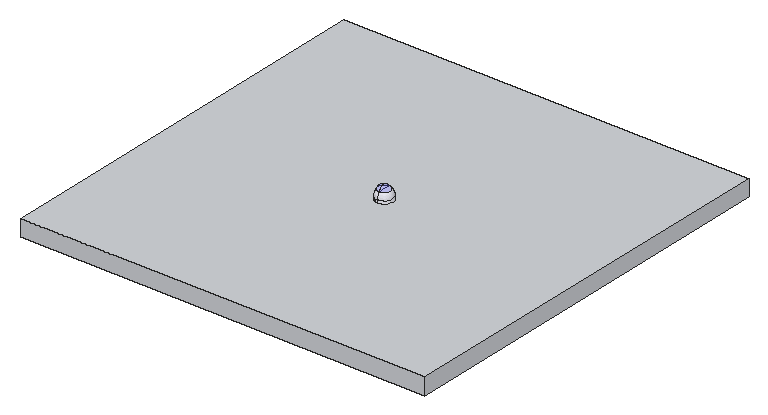
Revit family "BEG-92442", category Dispositifs d'éclairage, Revit 2015
Parameters
  Detection zone [instance] = yes
  URL = "http://www.luxomat.com/en-92442"
  Type of output = "Slave"
  Ambiant temperature = "-25°C to +50°C"
  Ref = "92442"
  Relay = "0"
  height position [instance] = 250 cm
  Modèle = "PD4-S-C-SM corridors"
  Installation type = "Plafond"
  Brand = "LUXOMAT"
  Image du type = 92587.jpg
  IP = "54"
  Mounting height max = Installation height max  # 270 cm
  Installation height max = 270 cm
  Fabricant = "B.E.G"
  Label [instance] = yes
  Default Elevation = 0 cm
  Consumption = "0.28W"
  Commentaires du type = "Occupancy detector PD4-S-C-SM corridors"
  Code d'assemblage = "D5010200"
  Class = "2"
  Switching power LED = "0"
  Switching power Cos ɸ =1 = "0"
  Switching power Cos ɸ =0,5 = "0"
  Power voltage = "110-240 V AC"
Reference planes (cm)
  plane 1 "Centre (avant/arrière)": y = 0
  plane 2: z = 0
  plane 3 "Centre (gauche/droite)": x = 0
Forms (cm)
  Extrusion 1, solid
    sketch origin (0, 0, 0) x (1, 0, 0) y (0, 1, 0)
      loop
        line (-121.92, 121.92) -> (-121.92, -121.92) -> (121.92, -121.92) -> (121.92, 121.92) -> (-121.92, 121.92)
    from 0 to -10
Dimensions and locks (cm)
  aligned and locked: plane 2 to Extrusion 1
  aligned and locked: level to Extrusion 1
  aligned and locked: nested 2 to plane 2
Nested families (cm)
  nested 1: "Famille1" at (0, -72.6659, 0) x (-1, 0, 0) z (0, 0, 1), reference <- "Ref", modele <- "Modèle", visible <- "Label", type "Famille1"
    with reference "92442", modele "PD4-S-C-SM corridors"
  nested 2: "M14" at (0, 0, 0), type "Standard"
  nested 3: "Symbole plafond 2D couloir" at (0, 0.102, 0), type "Symbole plafond 2D couloir"
  nested 4: "zone I" at (0, 0, 0), visible <- "Detection zone", type "zone I"
    with position 2 320 cm, position 1 960 cm, frontal 800 cm, biais 2400 cm, activité assise 640 cm
Connectors (cm)
  electrical at (0.5717, -0.15, -5.1)
    settings: on nested 2, index 1, voltage 240 V, apparent load 0 VA, apparent load phase1 0 VA, apparent load phase2 0 VA, apparent load phase3 0 VA, power factor 1, load classification "Eclairage", number of poles 1, system type 31, power factor state 1, is connector primary yes, connector utility no, sub classification motor no, connector description ""
Definition of nested family "M14"
  Reference planes (cm)
    plane 1 "Centre (avant/arrière)": y = 0
    plane 2: z = 0
    plane 3 "Centre (gauche/droite)": x = 0
    plane 4: x = 0
  Forms (cm)
    Revolve 1, solid
      sketch origin (0, 0, 0) x (0, -1, 0) y (0, 0, 1)
        loop
          line (0, 0) -> (0, 5) -> (-3.8, 5)
          arc (-3.8, 5) -> (-4.577, 3.2225) -> (-4.8363, 1.3) r 7
          line (-4.8363, 1.3) -> (-4.9363, 1.3) -> (-5.05, 0) -> (0, 0)
        axis (0, 0) -> (0, 5)
      angle from 0 to 360
    Revolve 2, solid
      sketch origin (0, 0, 0) x (0, -1, 0) y (0, 0, 1)
        loop
          arc (0, 7.6) -> (-2.2816, 6.8864) -> (-3.75, 5) r 4.0043
          line (-3.75, 5) -> (0, 5) -> (0, 7.6)
        axis (0, 5) -> (0, 7.6)
      angle from 0 to 360
  Lines and regions (cm)
    reference lines
      curve 1: line (0, 0, 0) -> (0, 0, 7.6)
      curve 2: line (0, 0, 5) -> (0, 3.8, 5)
      curve 3: arc (0, 3.8, 5) -> (0, 4.577, 3.2225) -> (0, 4.8363, 1.3) r 7
      curve 4: line (0, 4.9363, 1.3) -> (0, 4.8363, 1.3)
      curve 5: line (0, 5.05, 0) -> (0, 4.9363, 1.3)
      curve 6: line (0, 0, 0) -> (0, 5.05, 0)
      curve 7: arc (0, 0, 7.6) -> (0, 2.2816, 6.8864) -> (0, 3.75, 5) r 4.0043
      curve 8: line (0, 3.75, 5) -> (0, 0, 5)
      curve 9: line (0, 0, 7.6) -> (0, 0, 5)
      curve 10: line (0, 0, 0) -> (0, 0, 7.6)
  Dimensions and locks (cm)
    aligned and locked: level to plane 2
    aligned and locked: Revolve 1 sketch curve to curve 1  (x2)
    aligned and locked: Revolve 1 sketch curve to curve 2
    aligned and locked: Revolve 1 sketch curve to curve 3
    aligned and locked: Revolve 1 sketch curve to curve 4
    aligned and locked: Revolve 1 sketch curve to curve 5
    aligned and locked: Revolve 1 sketch curve to curve 6
    aligned and locked: Revolve 2 sketch curve to curve 7
    aligned and locked: Revolve 2 sketch curve to curve 8
    aligned and locked: Revolve 2 sketch curve to curve 9
    aligned and locked: Revolve 2 sketch curve to curve 10
Definition of nested family "Famille1"
  Parameters (values of type "Famille1")
    reference [instance] = ""
    modele [instance] = ""
  Reference planes (cm)
    plane 1: y = 0
    plane 2: x = 0
  Text (cm)
    label "reference\n\nmodele" at (0.0074, 0.0451, 0), shows "reference", "modele"
Definition of nested family "Symbole plafond 2D couloir"
  Reference planes (cm)
    plane 1: y = 0
    plane 2: x = 0
  Lines and regions (cm)
    Filled region 1, type "rouge"
      outline origin (0, 0, 0) x (1, 0, 0) y (0, 1, 0)
        loop
          circle (0, 0) r 0.0294
    detail lines
      curve 1: arc (-0.0294, 0, 0) -> (0, -0.0294, 0) -> (0.0294, 0, 0) r 0.0294
      curve 2: arc (0.0294, 0, 0) -> (0, 0.0294, 0) -> (-0.0294, 0, 0) r 0.0294
      curve 3: arc (-0.1768, 0.102, 0) -> (-0.2041, 0, 0) -> (-0.1768, -0.102, 0) r 0.204
      curve 4: arc (0.1766, -0.102, 0) -> (0.2039, 0, 0) -> (0.1766, 0.102, 0) r 0.204
      curve 5: arc (-0.1404, 0.081, 0) -> (-0.1621, 0, 0) -> (-0.1404, -0.081, 0) r 0.162
      curve 6: arc (0.1402, -0.081, 0) -> (0.1619, 0, 0) -> (0.1402, 0.081, 0) r 0.162
      curve 7: arc (-0.104, 0.06, 0) -> (-0.1201, 0, 0) -> (-0.104, -0.06, 0) r 0.12
      curve 8: arc (0.1038, -0.06, 0) -> (0.1199, 0, 0) -> (0.1038, 0.06, 0) r 0.12
Definition of nested family "zone I"
  Parameters (values of type "zone I")
    position 2 [instance] = (frontal / 2) * 0.8  # 320 cm
    position 1 [instance] = (biais / 2) * 0.8  # 960 cm
    frontal [instance] = 800 cm
    biais [instance] = 2400 cm
    activité assise [instance] = 640 cm
  Reference planes (cm)
    plane 1 "Centre (avant/arrière)": y = 0
    plane 2: z = 0
    plane 3 "Centre (gauche/droite)": x = 0
    plane 4: x = 1000
    plane 5: x = -1000
    plane 6: x = -2000
    plane 7: x = 2000
    plane 8: y = 150
    plane 9: y = -150
    plane 10: y = 250
    plane 11: y = -250
  Lines and regions (cm)
    detail lines, in view "Niveau de réf."
      curve 1: spline (2.3068, -307.7265, 0) -> (4.0856, -307.3949, 0) -> (5.7432, -306.4226, 0) -> (7.1667, -304.876, 0) -> (8.2589, -302.8603, 0) -> (8.9455, -300.5131, 0) -> (9.1797, -297.9942, 0) -> (8.9455, -295.4753, 0) -> (8.2589, -293.1281, 0) -> (7.1667, -291.1125, 0) -> (5.7432, -289.5658, 0) -> (4.0856, -288.5936, 0) -> (2.3068, -288.262, 0) -> (0.5279, -288.5936, 0) -> (-1.1297, -289.5658, 0) -> (-2.5531, -291.1125, 0) -> (-3.6453, -293.1281, 0) -> (-4.3319, -295.4753, 0) -> (-4.5661, -297.9942, 0) -> (-4.3319, -300.5131, 0) -> (-3.6453, -302.8603, 0) -> (-2.5531, -304.876, 0) -> (-1.1297, -306.4226, 0) -> (0.5279, -307.3949, 0) -> (2.3068, -307.7265, 0)
      curve 2: line (-4.7649, -295.0929, 0) -> (0.5136, -307.9212, 0)
      curve 3: line (3.5648, -308.0775, 0) -> (9.2455, -294.5266, 0)
      curve 4: line (-0.3759, -288.4588, 0) -> (-3.0011, -290.8806, 0)
      curve 5: line (3.5053, -308.5045, 0) -> (6.62, -308.3756, 0)
      curve 6: line (1.7304, -308.3525, 0) -> (3.5053, -308.5045, 0)
      curve 7: line (-4.7649, -295.0929, 0) -> (0.5136, -307.9212, 0)
      curve 8: line (-21.1936, -295.3894, 0) -> (-24.4202, -297.3623, 0)
      curve 9: line (-21.1936, -295.3894, 0) -> (-24.4202, -297.3623, 0)
      curve 10: line (-0.3759, -288.4588, 0) -> (-3.0011, -290.8806, 0)
      curve 11: line (1.7304, -308.3525, 0) -> (6.62, -308.3756, 0)
      curve 12: line (3.5648, -308.0775, 0) -> (9.2455, -294.5266, 0)
      curve 13: line (0, -280, 0) -> (0, -249.0788, 0)
      curve 14: line (0, -249.0788, 0) -> (0, -240.7814, 0)
      curve 15: spline (-1521.106, -27.7265, 0) -> (-1519.3271, -27.3949, 0) -> (-1517.6695, -26.4226, 0) -> (-1516.2461, -24.876, 0) -> (-1515.1539, -22.8603, 0) -> (-1514.4673, -20.5131, 0) -> (-1514.2331, -17.9942, 0) -> (-1514.4673, -15.4753, 0) -> (-1515.1539, -13.1281, 0) -> (-1516.2461, -11.1125, 0) -> (-1517.6695, -9.5658, 0) -> (-1519.3271, -8.5936, 0) -> (-1521.106, -8.262, 0) -> (-1522.8848, -8.5936, 0) -> (-1524.5424, -9.5658, 0) -> (-1525.9659, -11.1125, 0) -> (-1527.0581, -13.1281, 0) -> (-1527.7447, -15.4753, 0) -> (-1527.9789, -17.9942, 0) -> (-1527.7447, -20.5131, 0) -> (-1527.0581, -22.8603, 0) -> (-1525.9659, -24.876, 0) -> (-1524.5424, -26.4226, 0) -> (-1522.8848, -27.3949, 0) -> (-1521.106, -27.7265, 0)
      curve 16: line (-1528.1777, -15.0929, 0) -> (-1522.8992, -27.9212, 0)
      curve 17: line (-1519.848, -28.0775, 0) -> (-1514.1673, -14.5266, 0)
      curve 18: line (-1523.7887, -8.4588, 0) -> (-1526.4139, -10.8806, 0)
      curve 19: line (-1519.9075, -28.5045, 0) -> (-1516.7928, -28.3756, 0)
      curve 20: line (-1521.6824, -28.3525, 0) -> (-1519.9075, -28.5045, 0)
      curve 21: line (-1528.1777, -15.0929, 0) -> (-1522.8992, -27.9212, 0)
      curve 22: line (-1544.6063, -15.3894, 0) -> (-1547.833, -17.3623, 0)
      curve 23: line (-1544.6063, -15.3894, 0) -> (-1547.833, -17.3623, 0)
      curve 24: line (-1523.7887, -8.4588, 0) -> (-1526.4139, -10.8806, 0)
      curve 25: line (-1521.6824, -28.3525, 0) -> (-1516.7928, -28.3756, 0)
      curve 26: line (-1519.848, -28.0775, 0) -> (-1514.1673, -14.5266, 0)
      curve 27: line (-1523.4128, 0, 0) -> (-1523.4128, 30.9212, 0)
      curve 28: line (-1523.4128, 30.9212, 0) -> (-1523.4128, 39.2186, 0)
      curve 169: spline (-372.7692, 145.0624, 0) -> (-523.6863, 149.8316, 0) -> (-672.4215, 140.7991, 0) -> (-805.2741, 118.7969, 0) -> (-910.0066, 85.8517, 0) -> (-976.9713, 44.9984, 0) -> (-1000, 0, 0) -> (-976.9713, -44.9984, 0) -> (-910.0066, -85.8517, 0) -> (-805.2741, -118.7969, 0) -> (-672.4215, -140.7991, 0) -> (-523.6863, -149.8316, 0) -> (-372.7692, -145.0624, 0)
      curve 170: arc (-1930.5405, 241.3176, 0) -> (-2000, 0, 0) -> (-1930.5405, -241.3176, 0) r 453.9252
      curve 171: line (-852.071, 106.5089, 0) -> (-1930.5405, 241.3176, 0)
      curve 172: line (-852.071, -106.5089, 0) -> (-1930.5405, -241.3176, 0)
      curve 173: arc (-372.7692, -145.0624, 0) -> (0, -400, 0) -> (372.7692, -145.0624, 0) r 400
      curve 174: spline (372.7692, 145.0624, 0) -> (523.6863, 149.8316, 0) -> (672.4215, 140.7991, 0) -> (805.2741, 118.7969, 0) -> (910.0066, 85.8517, 0) -> (976.9713, 44.9984, 0) -> (1000, 0, 0) -> (976.9713, -44.9984, 0) -> (910.0066, -85.8517, 0) -> (805.2741, -118.7969, 0) -> (672.4215, -140.7991, 0) -> (523.6863, -149.8316, 0) -> (372.7692, -145.0624, 0)
      curve 175: arc (1930.5405, 241.3176, 0) -> (2000, 0, 0) -> (1930.5405, -241.3176, 0) r 453.9252
      curve 176: line (852.071, 106.5089, 0) -> (1930.5405, 241.3176, 0)
      curve 177: line (852.071, -106.5089, 0) -> (1930.5405, -241.3176, 0)
      curve 178: arc (372.7692, 145.0624, 0) -> (0, 400, 0) -> (-372.7692, 145.0624, 0) r 400
    detail lines, in view "Niveau de réf.", not visible
      curve 29: spline (925.976, -22.5654, 0) -> (926.342, -22.7186, 0) -> (927.4152, -22.8614, 0) -> (929.1224, -22.984, 0) -> (931.3472, -23.0781, 0) -> (933.938, -23.1373, 0) -> (936.7184, -23.1574, 0) -> (939.4987, -23.1373, 0) -> (942.0896, -23.0781, 0) -> (944.3144, -22.984, 0) -> (946.0216, -22.8614, 0) -> (947.0948, -22.7186, 0) -> (947.4608, -22.5654, 0) -> (947.0948, -22.4122, 0) -> (946.0216, -22.2694, 0) -> (944.3144, -22.1467, 0) -> (942.0896, -22.0527, 0) -> (939.4987, -21.9935, 0) -> (936.7184, -21.9733, 0) -> (933.938, -21.9935, 0) -> (931.3472, -22.0527, 0) -> (929.1224, -22.1467, 0) -> (927.4152, -22.2694, 0) -> (926.342, -22.4122, 0) -> (925.976, -22.5654, 0)
      curve 30: line (925.976, -22.5654, 0) -> (927.5256, -22.2591, 0)
      curve 31: arc (928.6032, -42.366, 0) -> (923.9612, -42.9632, 0) -> (919.6215, -44.716, 0) r 18.3388
      curve 32: arc (919.6215, -44.716, 0) -> (919.5545, -44.7818, 0) -> (919.5297, -44.8725, 0) r 0.1799
      curve 33: arc (928.7956, -42.9577, 0) -> (924.5053, -43.3576, 0) -> (920.3988, -44.6624, 0) r 20.1051
      curve 34: arc (920.3988, -44.6624, 0) -> (920.213, -44.7562, 0) -> (920.0404, -44.8725, 0) r 1.6679
      curve 35: circle (919.7851, -45.6065, 0) r 0.5096 normal (0, 0, 1)
      curve 36: arc (920.3547, -45.6065, 0) -> (919.7851, -45.0369, 0) -> (919.2155, -45.6065, 0) r 0.5696
      curve 37: arc (920.4147, -45.6065, 0) -> (919.7851, -44.9769, 0) -> (919.1555, -45.6065, 0) r 0.6296
      curve 38: arc (944.8336, -42.366, 0) -> (949.4756, -42.9632, 0) -> (953.8152, -44.716, 0) r 18.3388
      curve 39: arc (953.8152, -44.716, 0) -> (953.8823, -44.7818, 0) -> (953.907, -44.8725, 0) r 0.1799
      curve 40: arc (944.6412, -42.9577, 0) -> (948.9315, -43.3576, 0) -> (953.038, -44.6624, 0) r 20.1051
      curve 41: arc (953.038, -44.6624, 0) -> (953.2237, -44.7562, 0) -> (953.3964, -44.8725, 0) r 1.6679
      curve 42: circle (953.6517, -45.6065, 0) r 0.5096 normal (0, 0, 1)
      curve 43: arc (954.2213, -45.6065, 0) -> (953.6517, -45.0369, 0) -> (953.0821, -45.6065, 0) r 0.5696
      curve 44: arc (954.2813, -45.6065, 0) -> (953.6517, -44.9769, 0) -> (953.0221, -45.6065, 0) r 0.6296
      curve 45: arc (935.9933, -42.366, 0) -> (932.2655, -43.2182, 0) -> (928.7471, -44.716, 0) r 21.5424
      curve 46: arc (928.7471, -44.716, 0) -> (928.68, -44.7818, 0) -> (928.6553, -44.8725, 0) r 0.1799
      curve 47: arc (935.9933, -42.9577, 0) -> (932.6991, -43.5833, 0) -> (929.5243, -44.6624, 0) r 23.9713
      curve 48: arc (929.5243, -44.6624, 0) -> (929.3417, -44.7544, 0) -> (929.1716, -44.8681, 0) r 1.6679
      curve 49: arc (936.2298, -42.9577, 0) -> (932.9838, -43.6066, 0) -> (929.8464, -44.6624, 0) r 26.0219
      curve 50: arc (929.8464, -44.6624, 0) -> (929.6606, -44.7562, 0) -> (929.488, -44.8725, 0) r 1.6679
      curve 51: circle (929.0716, -45.6065, 0) r 0.5096 normal (0, 0, 1)
      curve 52: arc (929.6412, -45.6065, 0) -> (929.0716, -45.0369, 0) -> (928.502, -45.6065, 0) r 0.5696
      curve 53: arc (929.7012, -45.6065, 0) -> (929.0716, -44.9769, 0) -> (928.442, -45.6065, 0) r 0.6296
      curve 54: arc (937.4435, -42.366, 0) -> (941.1713, -43.2182, 0) -> (944.6897, -44.716, 0) r 21.5424
      curve 55: arc (944.6897, -44.716, 0) -> (944.7568, -44.7818, 0) -> (944.7815, -44.8725, 0) r 0.1799
      curve 56: arc (937.4435, -42.9577, 0) -> (940.7377, -43.5833, 0) -> (943.9124, -44.6624, 0) r 23.9713
      curve 57: arc (943.9124, -44.6624, 0) -> (944.0982, -44.7562, 0) -> (944.2708, -44.8725, 0) r 1.6679
      curve 58: arc (937.207, -42.9577, 0) -> (940.453, -43.6066, 0) -> (943.5904, -44.6624, 0) r 26.0219
      curve 59: arc (943.5904, -44.6624, 0) -> (943.7762, -44.7562, 0) -> (943.9488, -44.8725, 0) r 1.6679
      curve 60: circle (944.3651, -45.6065, 0) r 0.5096 normal (0, 0, 1)
      curve 61: arc (944.9347, -45.6065, 0) -> (944.3651, -45.0369, 0) -> (943.7956, -45.6065, 0) r 0.5696
      curve 62: arc (944.9947, -45.6065, 0) -> (944.3651, -44.9769, 0) -> (943.7356, -45.6065, 0) r 0.6296
      curve 63: arc (928.2447, -16.9067, 0) -> (929.3751, -19.9599, 0) -> (932.3873, -21.1953, 0) r 4.0512
      curve 64: arc (947.5341, -21.5503, 0) -> (948.2989, -21.9955, 0) -> (948.4581, -22.866, 0) r 1.0582
      curve 65: arc (948.4581, -22.866, 0) -> (947.1637, -32.0042, 0) -> (947.1824, -41.2336, 0) r 64.7189
      curve 66: arc (947.1824, -41.2336, 0) -> (947.3196, -41.7803, 0) -> (947.8, -42.0753, 0) r 0.7467
      curve 67: arc (947.8, -42.0753, 0) -> (950.8812, -42.6489, 0) -> (954.0146, -42.7177, 0) r 19.3577
      curve 68: arc (954.0146, -42.7177, 0) -> (953.6164, -42.2163, 0) -> (953.0065, -42.0212, 0) r 1.1013
      curve 69: arc (953.0065, -42.0212, 0) -> (950.8253, -41.5868, 0) -> (948.6939, -40.9514, 0) r 23.8747
      curve 70: arc (948.6939, -40.9514, 0) -> (949.6481, -32.326, 0) -> (950.4047, -23.6811, 0) r 379.1961
      curve 71: arc (950.4047, -23.6811, 0) -> (950.1819, -20.9354, 0) -> (948.1945, -19.0278, 0) r 3.8846
      curve 72: arc (948.1945, -19.0278, 0) -> (942.0386, -16.9625, 0) -> (935.5985, -16.1341, 0) r 33.2193
      curve 73: arc (935.5985, -16.1341, 0) -> (936.4011, -8.4722, 0) -> (936.3918, -0.7683, 0) r 72.9952
      curve 74: arc (936.1411, 2.5028, 0) -> (936.0331, 3.5186, 0) -> (935.9108, 4.5328, 0) r 72.9952
      curve 75: arc (933.0779, 4.298, 0) -> (930.9101, 3.5141, 0) -> (931.7641, 1.3729, 0) r 1.6042
      curve 76: arc (935.9108, 4.5328, 0) -> (932.5228, 6.4802, 0) -> (929.1348, 4.5328, 0) r 3.9209
      curve 77: arc (962.4108, -5.4595, 0) -> (962.3989, -5.5507, 0) -> (962.3115, -5.5223, 0) r 0.0597
      curve 78: arc (960.275, -5.2364, 0) -> (960.303, -5.394, 0) -> (960.1444, -5.4151, 0) r 0.1108
      curve 79: spline (932.3619, 15.8637, 0) -> (933.2734, 15.7331, 0) -> (934.1297, 15.3083, 0) -> (934.8726, 14.6182, 0) -> (935.4514, 13.7099, 0) -> (935.8267, 12.6452, 0) -> (935.9728, 11.4968, 0) -> (935.8798, 10.3428, 0) -> (935.5541, 9.262, 0) -> (935.0179, 8.3279, 0) -> (934.3076, 7.6043, 0) -> (933.4718, 7.1404, 0) -> (932.5673, 6.9679, 0) -> (931.6558, 7.0985, 0) -> (930.7994, 7.5233, 0) -> (930.0565, 8.2134, 0) -> (929.4777, 9.1217, 0) -> (929.1025, 10.1864, 0) -> (928.9564, 11.3348, 0) -> (929.0493, 12.4888, 0) -> (929.375, 13.5696, 0) -> (929.9113, 14.5037, 0) -> (930.6215, 15.2273, 0) -> (931.4574, 15.6912, 0) -> (932.3619, 15.8637, 0)
      curve 80: line (957.0918, -46.116, 0) -> (997.8768, -46.116, 0)
      curve 81: line (997.8768, -46.116, 0) -> (997.8768, -7.1091, 0)
      curve 82: line (997.8768, -7.1091, 0) -> (957.0918, -7.1091, 0)
      curve 83: line (957.0918, -7.1091, 0) -> (957.0918, -46.116, 0)
      curve 84: line (957.0918, -46.116, 0) -> (910.5345, -46.116, 0)
      curve 85: line (951.1501, -7.1091, 0) -> (1003.8185, -7.1091, 0)
      curve 86: line (1003.8185, -7.1091, 0) -> (1003.8185, -5.6427, 0)
      curve 87: line (1003.8185, -5.6427, 0) -> (951.1501, -5.6427, 0)
      curve 88: line (951.1501, -5.6427, 0) -> (951.1501, -7.1091, 0)
      curve 89: line (935.7304, -23.1574, 0) -> (937.7064, -23.1574, 0)
      curve 90: line (937.7064, -23.1574, 0) -> (937.7064, -42.366, 0)
      curve 91: line (937.7064, -42.366, 0) -> (935.7304, -42.366, 0)
      curve 92: line (935.7304, -42.366, 0) -> (935.7304, -23.1574, 0)
      curve 93: line (935.7304, -42.366, 0) -> (928.6032, -42.366, 0)
      curve 94: line (919.5297, -44.8725, 0) -> (920.0404, -44.8725, 0)
      curve 95: line (937.4435, -42.366, 0) -> (937.207, -42.9577, 0)
      curve 96: line (937.207, -42.9577, 0) -> (937.4435, -42.9577, 0)
      curve 97: line (937.4435, -42.9577, 0) -> (936.7184, -42.9577, 0)
      curve 98: line (936.7184, -42.9577, 0) -> (935.9933, -42.9577, 0)
      curve 99: line (935.9933, -42.9577, 0) -> (936.2298, -42.9577, 0)
      curve 100: line (936.2298, -42.9577, 0) -> (935.9933, -42.366, 0)
      curve 101: line (933.13, -42.9577, 0) -> (928.7956, -42.9577, 0)
      curve 102: line (919.2155, -45.6065, 0) -> (919.1555, -45.6065, 0)
      curve 103: line (920.3547, -45.6065, 0) -> (920.4147, -45.6065, 0)
      curve 104: line (919.8851, -44.9848, 0) -> (919.8851, -44.8725, 0)
      curve 105: line (919.6851, -44.9848, 0) -> (919.6851, -44.8725, 0)
      curve 106: line (937.7064, -42.366, 0) -> (944.8336, -42.366, 0)
      curve 107: line (953.907, -44.8725, 0) -> (953.3964, -44.8725, 0)
      curve 108: line (940.3068, -42.9577, 0) -> (944.6412, -42.9577, 0)
      curve 109: line (954.2213, -45.6065, 0) -> (954.2813, -45.6065, 0)
      curve 110: line (953.0821, -45.6065, 0) -> (953.0221, -45.6065, 0)
      curve 111: line (953.5517, -44.9848, 0) -> (953.5517, -44.8725, 0)
      curve 112: line (953.7517, -44.9848, 0) -> (953.7517, -44.8725, 0)
      curve 113: line (928.6553, -44.8725, 0) -> (929.488, -44.8725, 0)
      curve 114: line (928.502, -45.6065, 0) -> (928.442, -45.6065, 0)
      curve 115: line (929.6412, -45.6065, 0) -> (929.7012, -45.6065, 0)
      curve 116: line (929.1716, -44.9848, 0) -> (929.1716, -44.8681, 0)
      curve 117: line (928.9716, -44.9848, 0) -> (928.9716, -44.8725, 0)
      curve 118: line (944.7815, -44.8725, 0) -> (943.9488, -44.8725, 0)
      curve 119: line (944.9347, -45.6065, 0) -> (944.9947, -45.6065, 0)
      curve 120: line (943.7956, -45.6065, 0) -> (943.7356, -45.6065, 0)
      curve 121: line (944.2651, -44.9848, 0) -> (944.2651, -44.8725, 0)
      curve 122: line (944.4651, -44.9848, 0) -> (944.4651, -44.8725, 0)
      curve 123: line (932.3873, -21.1953, 0) -> (947.5341, -21.5503, 0)
      curve 124: line (928.2447, -16.9067, 0) -> (929.1348, 4.5328, 0)
      curve 125: line (933.0779, 4.298, 0) -> (945.9271, -3.2324, 0)
      curve 126: line (945.9271, -3.2324, 0) -> (956.9598, -4.1102, 0)
      curve 127: line (956.9598, -4.1102, 0) -> (959.6493, -4.0553, 0)
      curve 128: line (959.6493, -4.0553, 0) -> (961.5155, -4.4943, 0)
      curve 129: line (961.5155, -4.4943, 0) -> (962.4108, -5.4595, 0)
      curve 130: line (962.3115, -5.5223, 0) -> (961.4719, -4.6876, 0)
      curve 131: line (961.4719, -4.6876, 0) -> (959.6412, -4.4783, 0)
      curve 132: line (959.6412, -4.4783, 0) -> (959.2367, -4.7524, 0)
      curve 133: line (959.2367, -4.7524, 0) -> (960.275, -5.2364, 0)
      curve 134: line (960.1444, -5.4151, 0) -> (958.5871, -4.8823, 0)
      curve 135: line (958.5871, -4.8823, 0) -> (956.7566, -5.1214, 0)
      curve 136: line (956.7566, -5.1214, 0) -> (945.2383, -4.8614, 0)
      curve 137: line (945.2383, -4.8614, 0) -> (931.7641, 1.3729, 0)
      curve 138: line (931.3882, 7.1969, 0) -> (931.2583, 6.2707, 0)
      curve 139: line (933.7384, 7.2529, 0) -> (933.8809, 6.2375, 0)
      curve 140: line (997.8768, -46.116, 0) -> (1009.4512, -46.116, 0)
      curve 141: spline (630.3724, -48.277, 0) -> (632.1512, -47.9453, 0) -> (633.8088, -46.9731, 0) -> (635.2323, -45.4264, 0) -> (636.3245, -43.4108, 0) -> (637.0111, -41.0636, 0) -> (637.2453, -38.5447, 0) -> (637.0111, -36.0258, 0) -> (636.3245, -33.6786, 0) -> (635.2323, -31.663, 0) -> (633.8088, -30.1163, 0) -> (632.1512, -29.1441, 0) -> (630.3724, -28.8124, 0) -> (628.5935, -29.1441, 0) -> (626.9359, -30.1163, 0) -> (625.5125, -31.663, 0) -> (624.4202, -33.6786, 0) -> (623.7336, -36.0258, 0) -> (623.4995, -38.5447, 0) -> (623.7336, -41.0636, 0) -> (624.4202, -43.4108, 0) -> (625.5125, -45.4264, 0) -> (626.9359, -46.9731, 0) -> (628.5935, -47.9453, 0) -> (630.3724, -48.277, 0)
      curve 142: line (623.3007, -35.6434, 0) -> (628.5792, -48.4717, 0)
      curve 143: line (631.6303, -48.628, 0) -> (637.311, -35.0771, 0)
      curve 144: line (627.6897, -29.0093, 0) -> (625.0645, -31.4311, 0)
      curve 145: line (631.5709, -49.055, 0) -> (634.6856, -48.9261, 0)
      curve 146: line (629.7959, -48.903, 0) -> (631.5709, -49.055, 0)
      curve 147: line (623.3007, -35.6434, 0) -> (628.5792, -48.4717, 0)
      curve 148: line (606.872, -35.9399, 0) -> (603.6454, -37.9127, 0)
      curve 149: line (606.872, -35.9399, 0) -> (603.6454, -37.9127, 0)
      curve 150: line (627.6897, -29.0093, 0) -> (625.0645, -31.4311, 0)
      curve 151: line (629.7959, -48.903, 0) -> (634.6856, -48.9261, 0)
      curve 152: line (631.6303, -48.628, 0) -> (637.311, -35.0771, 0)
      curve 153: line (628.0656, -20.5505, 0) -> (628.0656, 10.3707, 0)
      curve 154: line (628.0656, 10.3707, 0) -> (628.0656, 18.6681, 0)
      curve 155: spline (1030.3724, -260.777, 0) -> (1032.1512, -260.4453, 0) -> (1033.8088, -259.4731, 0) -> (1035.2323, -257.9264, 0) -> (1036.3245, -255.9108, 0) -> (1037.0111, -253.5636, 0) -> (1037.2453, -251.0447, 0) -> (1037.0111, -248.5258, 0) -> (1036.3245, -246.1786, 0) -> (1035.2323, -244.163, 0) -> (1033.8088, -242.6163, 0) -> (1032.1512, -241.6441, 0) -> (1030.3724, -241.3124, 0) -> (1028.5935, -241.6441, 0) -> (1026.9359, -242.6163, 0) -> (1025.5125, -244.163, 0) -> (1024.4202, -246.1786, 0) -> (1023.7336, -248.5258, 0) -> (1023.4995, -251.0447, 0) -> (1023.7336, -253.5636, 0) -> (1024.4202, -255.9108, 0) -> (1025.5125, -257.9264, 0) -> (1026.9359, -259.4731, 0) -> (1028.5935, -260.4453, 0) -> (1030.3724, -260.777, 0)
      curve 156: line (1023.3007, -248.1434, 0) -> (1028.5792, -260.9717, 0)
      curve 157: line (1031.6303, -261.128, 0) -> (1037.311, -247.5771, 0)
      curve 158: line (1027.6897, -241.5093, 0) -> (1025.0645, -243.9311, 0)
      curve 159: line (1031.5709, -261.555, 0) -> (1034.6856, -261.4261, 0)
      curve 160: line (1029.7959, -261.403, 0) -> (1031.5709, -261.555, 0)
      curve 161: line (1023.3007, -248.1434, 0) -> (1028.5792, -260.9717, 0)
      curve 162: line (1006.872, -248.4399, 0) -> (1003.6454, -250.4127, 0)
      curve 163: line (1006.872, -248.4399, 0) -> (1003.6454, -250.4127, 0)
      curve 164: line (1027.6897, -241.5093, 0) -> (1025.0645, -243.9311, 0)
      curve 165: line (1029.7959, -261.403, 0) -> (1034.6856, -261.4261, 0)
      curve 166: line (1031.6303, -261.128, 0) -> (1037.311, -247.5771, 0)
      curve 167: line (1028.0656, -233.0505, 0) -> (1028.0656, -202.1293, 0)
      curve 168: line (1028.0656, -202.1293, 0) -> (1028.0656, -193.8319, 0)
  Text (cm)
    text "2" at (0.4332, -321.3743, 0), in view "Niveau de réf."
    text "1" at (-1522.9796, -41.3743, 0), in view "Niveau de réf."
    text "1" at (628.4988, -61.9248, 0), in view "Niveau de réf.", not visible
    text "2" at (1028.4988, -274.4248, 0), in view "Niveau de réf.", not visible
  Dimensions and locks (cm)
    aligned and locked: curve 27 to plane 1 "Centre (avant/arrière)"
    aligned and locked: curve 13 to plane 3 "Centre (gauche/droite)"
